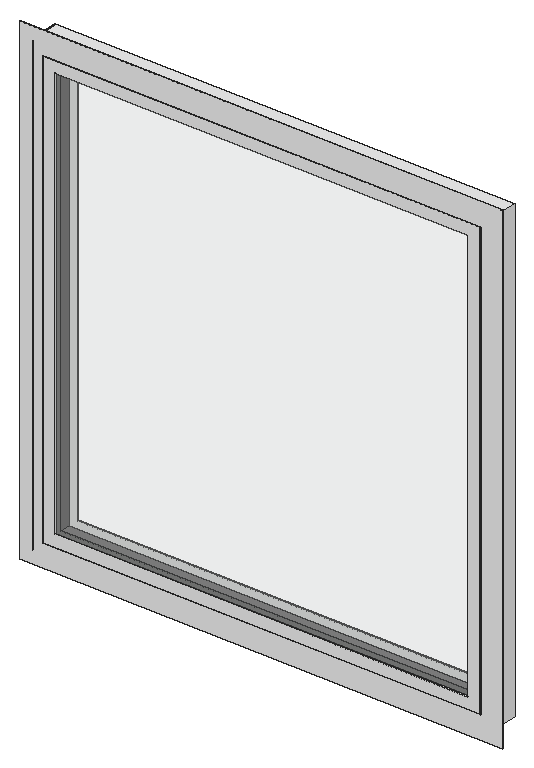
Revit family "Casement_36_F_Side_Hung_Standard", category Windows, host Wall, Revit 2014
Parameters (values of type "Casement_Sash_DG")
  Width Sash [instance] = 30 mm
  Width Sash Inner = 15 mm
  Width Bead = 15 mm
  Top Hung [instance] = yes
  Side Hung Right [instance] = yes
  Side Hung Left [instance] = yes
  Sash Opening Width [instance] = 600 mm
  Sash Opening Height [instance] = 600.312 mm
  Sash Lip = 15 mm
  Glazing Material [instance] = Glass
  DG Start Piece 2 [instance] = DG End Piece 1 + DG Gasket Thickness  # 25 mm
  DG Start Peice 1 [instance] = (Depth Sash - (2 * DG Glazing Thickness) - DG Gasket Thickness) / 2  # 6.6 mm
  Glazing Offset = 5 mm
  DG Glazing Thickness [instance] = 6.4 mm
  DG Gasket Thickness = 12 mm  # constant formula
  DG Gasket Material [instance] = Double Glazing Gasket Material
  DG End Piece 2 [instance] = DG Start Piece 2 + DG Glazing Thickness  # 31.4 mm
  DG End Piece 1 [instance] = DG Start Peice 1 + DG Glazing Thickness  # 13 mm
  Depth Sash [instance] = 38 mm
  Center Vertical Sash [instance] = Sash Opening Height / 2  # 300.156 mm
  Center Horizontal Sash [instance] = Sash Opening Width / 2  # 300 mm
  Bottom Hung [instance] = yes
  Bead Offset = 15 mm
  Aluminium Thickness = 1 mm
  Aluminium Material [instance] = White Powder Coated Aluminium
Reference planes
  plane 1 "Center (Front/Back)": y = 0
  plane 2: z = 0
  plane 3 "Center (Left/Right)": x = 0
Forms (mm)
  Sweep 1, solid, material "White Powder Coated Aluminium" <- "Aluminium Material"
    path origin (16.177, 0, 121.331) x (1, 0, 0) y (0, 0, 1)
      loop
        line (0, 0) -> (600, 0) -> (600, 600.312) -> (0, 600.312) -> (0, 0)
    profile origin (316.177, 0, 121.331) x (0, 0, 1) y (0, -1, 0)
      loop
        line (0, 0) -> (30, 0) -> (30, 1) -> (15, 1) -> (15, 38) -> (-15, 38) -> (-15, 37) -> (0, 37) -> (0, 0)
      loop
        line (14, 1) -> (14, 37) -> (1, 37) -> (1, 1) -> (14, 1)
  Sweep 2, solid, material "White Powder Coated Aluminium" <- "Aluminium Material"
    path origin (0, 0, 0) x (1, 0, 0) y (0, 0, 1)
      loop
        line (31.177, 706.643) -> (31.177, 136.331) -> (601.177, 136.331) -> (601.177, 706.643) -> (31.177, 706.643)
    profile origin (316.177, 0, 706.643) x (0, 0, 1) y (0, -1, 0)
      loop
        line (0, 37) -> (0, 38) -> (-15, 38) -> (-15, 37) -> (0, 37)
  Extrusion 3, solid, material "Glass" <- "Glazing Material"
    sketch origin (0, 0, 0) x (1, 0, 0) y (0, 0, 1)
      loop
        line (36.177, 701.643) -> (36.177, 141.331) -> (596.177, 141.331) -> (596.177, 701.643) -> (36.177, 701.643)
    from 6.6 <- "DG Start Peice 1" to 13 <- "DG End Piece 1"
  Extrusion 4, solid, material "Glass" <- "Glazing Material"
    sketch origin (0, 0, 0) x (1, 0, 0) y (0, 0, 1)
      loop
        line (36.177, 701.643) -> (36.177, 141.331) -> (596.177, 141.331) -> (596.177, 701.643) -> (36.177, 701.643)
    from 31.4 <- "DG End Piece 2" to 25 <- "DG Start Piece 2"
  Sweep 5, solid, material "Double Glazing Gasket Material" <- "DG Gasket Material"
    path origin (0, -13, 0) x (1, 0, 0) y (0, 0, 1)
      loop
        line (36.177, 701.643) -> (36.177, 141.331) -> (596.177, 141.331) -> (596.177, 701.643) -> (36.177, 701.643)
    profile origin (316.177, -13, 701.643) x (0, 0, 1) y (0, -1, 0)
      loop
        line (0, 0) -> (0, 12) -> (-7.96, 12) -> (-7.96, 0) -> (0, 0)
Lines and regions (mm)
  model lines
    curve 1: line (1.177, -38, 736.643) -> (31.177, -38, 706.643)
    curve 2: line (601.177, -38, 706.643) -> (631.177, -38, 736.643)
    curve 3: line (601.177, -38, 136.331) -> (631.177, -38, 106.331)
    curve 4: line (1.177, -38, 106.331) -> (31.177, -38, 136.331)
    curve 5: line (631.177, -37, 736.643) -> (616.177, -37, 721.643)
    curve 6: line (1.177, -37, 736.643) -> (16.177, -37, 721.643)
    curve 7: line (1.177, -37, 106.331) -> (16.177, -37, 121.331)
    curve 8: line (631.177, -37, 106.331) -> (616.177, -37, 121.331)
    curve 9: line (616.177, 0, 121.331) -> (586.177, 0, 151.331)
    curve 10: line (46.177, 0, 151.331) -> (16.177, 0, 121.331)
    curve 11: line (616.177, 0, 721.643) -> (586.177, 0, 691.643)
    curve 12: line (46.177, 0, 691.643) -> (16.177, 0, 721.643)
    curve 13: line (31.177, -38, 691.643) -> (46.177, -38, 691.643)
    curve 14: line (586.177, -38, 691.643) -> (601.177, -38, 691.643)
    curve 15: line (586.177, -38, 151.331) -> (601.177, -38, 151.331)
    curve 16: line (31.177, -38, 151.331) -> (46.177, -38, 151.331)
  model lines, style "GenericModelHiddenLines", visible <- "Top Hung"
    curve 17: line (46.386, -31.4, 690.914) -> (316.177, -31.4, 151.331)
    curve 18: line (316.177, -31.4, 151.331) -> (586.177, -31.4, 691.331)
  model lines, style "GenericModelHiddenLines", visible <- "Bottom Hung"
    curve 19: line (46.177, -31.4, 151.331) -> (316.177, -31.4, 691.331)
    curve 20: line (316.177, -31.4, 691.331) -> (586.177, -31.4, 151.331)
  model lines, style "GenericModelHiddenLines", visible <- "Side Hung Left"
    curve 21: line (46.386, -31.4, 690.914) -> (585.24, -31.4, 421.487)
    curve 22: line (585.24, -31.4, 421.487) -> (46.177, -31.4, 151.331)
  model lines, style "GenericModelHiddenLines", visible <- "Side Hung Right"
    curve 23: line (586.177, -31.4, 691.331) -> (46.177, -31.4, 421.487)
    curve 24: line (46.177, -31.4, 421.487) -> (586.177, -31.4, 151.331)
Dimensions and locks
  "Aluminium Thickness": Sweep 1 sketch curve to Sweep 1 sketch curve  (x4)
  "Depth Sash": Sweep 1 sketch curve to Sweep 1 sketch curve
  "Sash Opening Width": Sweep 1 to Sweep 1
  "Sash Opening Height": Sweep 1 to Sweep 1
  "Width Sash": Sweep 1 sketch curve to Sweep 1 sketch curve  (x2)
  "Width Sash Inner": Sweep 1 sketch curve to Sweep 1 sketch curve
  "Sash Lip": Sweep 1 sketch curve to Sweep 1 sketch curve
  "Aluminium Thickness": Sweep 1 to Sweep 2 sketch curve
  "Glazing Offset": Sweep 2 to Extrusion 3 sketch curve  (x3)
  "Glazing Offset": Extrusion 3 sketch curve to Sweep 2
  Sweep 1 to Sweep 1 = 1 mm
  "Aluminium Thickness": Sweep 2 sketch curve to Sweep 2 sketch curve
  "Width Bead": Sweep 2 sketch curve to Sweep 2 sketch curve
  locked: Sweep 5 sketch curve to Sweep 5 sketch curve at 7.96
  "Center Horizontal Sash": Sweep 1 to curve 18
  "Center Horizontal Sash": Sweep 1 to curve 20
  "Center Vertical Sash": Sweep 1 to curve 22
  "Center Vertical Sash": Sweep 1 to curve 24
  aligned and locked: level to plane 2
  aligned and locked: Sweep 1 sketch curve to Sweep 1 sketch curve  (x2)
  aligned and locked: Sweep 2 sketch curve to Sweep 1  (x5)
  aligned and locked: Extrusion 4 sketch curve to Extrusion 3  (x4)
  aligned and locked: Sweep 5 sketch curve to Extrusion 3  (x5)
  aligned and locked: Extrusion 3 to Sweep 5 sketch curve
Automatic sketch dimensions
  plane 3 "Center (Left/Right)" to Sweep 1 sketch curve = 16.177 mm
  level to Sweep 1 sketch curve = 121.331 mm
  plane 3 "Center (Left/Right)" to Sweep 1 sketch curve = 616.177 mm
  level to Sweep 1 sketch curve = 721.643 mm
  profile plane to Sweep 5 sketch curve = 12 mm
  curve 7 to Sweep 1 = 0 mm  (x4)
  curve 6 to Sweep 1 = 0 mm  (x3)
  Sweep 1 to curve 6 = 0 mm
  curve 5 to Sweep 1 = 0 mm  (x3)
  curve 8 to Sweep 1 = 0 mm  (x4)
  Sweep 1 to curve 5 = 0 mm
  curve 16 to Sweep 2 = 0 mm  (x3)
  curve 13 to Sweep 2 = 0 mm  (x3)
  curve 15 to Sweep 2 = 0 mm
  Sweep 2 to curve 15 = 0 mm  (x2)
  curve 14 to Sweep 2 = 0 mm  (x2)
  Sweep 2 to curve 14 = 0 mm
  curve 1 to Sweep 1 = 0 mm  (x4)
  curve 4 to Sweep 1 = 0 mm  (x3)
  Sweep 1 to curve 4 = 0 mm
  curve 3 to Sweep 1 = 0 mm  (x3)
  curve 2 to Sweep 1 = 0 mm  (x4)
  Sweep 1 to curve 3 = 0 mm
  curve 10 to Sweep 1 = 0 mm  (x4)
  curve 12 to Sweep 1 = 0 mm  (x3)
  Sweep 1 to curve 12 = 0 mm
  curve 9 to Sweep 1 = 0 mm  (x4)
  curve 11 to Sweep 1 = 0 mm  (x3)
  Sweep 1 to curve 11 = 0 mm
  Sweep 1 sketch curve to plane 1 "Center (Front/Back)" = 0 mm
  profile plane to Sweep 1 sketch curve = 0 mm
  curve 21 to Extrusion 4 = 10.208 mm
  curve 19 to Extrusion 4 = 10 mm
  curve 23 to Extrusion 4 = 10 mm  (x2)
  curve 22 to Extrusion 4 = 10.937 mm
  curve 20 to Extrusion 4 = 10 mm
  curve 24 to Extrusion 4 = 10 mm
  curve 22 to Extrusion 4 = 10 mm
  curve 18 to Extrusion 4 = 10 mm
  curve 21 to Extrusion 4 = 10.729 mm
  curve 19 to Extrusion 4 = 10.312 mm
  curve 18 to Extrusion 4 = 10.312 mm
Types in the file's own list only (12): name | Windload Design | Width Sash Right Opening | Width Sash Left Opening | Width Sash Right | Width Sash Left | Width Profile | Width Fixed Panel Right | Width Fixed Panel Left | Width Fixed Panel Center | Width | URL | Intruderprufe U Value | Intruderprufe SHGC Value | Intruderprufe LowE U Value | Intruderprufe LowE SHGC Value | Intruderprufe Insulated U Value | Intruderprufe Insulated SHGC Value | Intruderprufe Insulated LowE U Value | Intruderprufe Insulated LowE SHGC Value | Height | Energy Advantage U Value | Energy Advantage SHGC Value | Corrected Mullion Size | Standard Mullion Different | Offset Window Exterior | Max System DG Unit Thickness | Max System DG One Piece Thickness | Max Pane Area | Height Fixed Panel Right | Height Fixed Panel Left | DG Thickness Calc | Custom Window Width | Custom Window Height | Window Exterior Offset | Custom Windload | Custom Sash Right Width | Custom Sash Right Height | Custom Sash Left Width | Custom Sash Left Height | Side Hung Right | Sash Spacing Inner | Sash Overlap | Sash Center Offset | SG Gasket Thickness | Offset Sash Side | Offset Sash Top | Offset Mullion Right | Offset Fixed Panel Center Left | Offset Mullion Left | Offset Transom Right Top | Offset Transom Left Top | Offset Bead Center Reversed | Model | Manufacturer | Limit Window Width Min | Limit Window Width Max | Limit Window Height Min | Limit Window Height Max | Limit Sash Width Min | Limit Sash Width Max | Limit Sash Height Min | Limit Sash Height Max | Limit Fixed Pane Width Min | Limit Fixed Pane Width Max | Limit Fixed Pane Height Min | Limit Fixed Pane Height Max | Length Transom Right | Length Transom Left | Length Mullion | Height Sash Right Opening | Height Sash Right | Height Sash Left Opening | Height Sash Left | Height Fixed Panel Center | Description | Depth Mullion | Frame Center Offset | Depth Bead | Default Sill Height | Wall Closure | DG Gasket Finish | DG Extrusion Start | Mullion Depth Windload Based | Clearvue U Value | Clearvue SHGC Value | Clearvue Insulated U Value | Clearvue Insulated SHGC Value | Clearvue Insulated LowE U Value | Clearvue Insulated LowE SHGC Value | Casement Dimension | Bead SG Gap | Area Pane Right Top | Area Pane Right Bottom | Area Pane Middle | Area Pane Left Top | Area Pane Left Bottom
  36-1815SS-1000Pa | 1000 mm | 554 mm | 554 mm | 524 mm | 524 mm | 30 mm | 540 mm | 540 mm | 590 mm | 1790 mm | "http://www.crealco.co.za/crealco-products.php" | 6.54 | 0.637 | 4.99 | 0.561 | 4.26 | 0.54 | 3.72 | 0.495 | 1490 mm | 5.1 | 0.599 | 0 mm | 0 mm | 18 mm | 25 mm | 6 mm | 0.82 m² | 260 mm | 260 mm | 4 mm | 1790 mm | 1490 mm | 0 mm | 1000 mm | 554 mm | 1154 mm | 554 mm | 1154 mm | No | 8 mm | 7 mm | 15 mm | 6 mm | 23 mm | 23 mm | 570 mm | 600 mm | 570 mm | 1170 mm | 1170 mm | 18 mm | "Casement 36" | "Crealco" | 1400 mm | 2700 mm | 1430 mm | 1860 mm | 300 mm | 600 mm | 300 mm | 1300 mm | 200 mm | 1500 mm | 200 mm | 1800 mm | 540 mm | 540 mm | 1490 mm | 1154 mm | 1124 mm | 1154 mm | 1124 mm | 1430 mm | "Window 36mm, Type F side hung" | 54 mm | 18 mm | 22 mm | 800 mm | By host | Double Glazing Gasket Material | 8 mm | 54 mm | 6.69 | 0.669 | 4.37 | 0.589 | 3.8 | 0.536 | 36 mm | 13 mm | 0.52 m² | 0.13 m² | 0.82 m² | 0.52 m² | 0.13 m²
  36-2415SS-1000Pa | 1000 mm | 554 mm | 554 mm | 524 mm | 524 mm | 30 mm | 540 mm | 540 mm | 1190 mm | 2390 mm | "http://www.crealco.co.za/crealco-products.php" | 6.7 | 0.705 | 4.95 | 0.62 | 4.14 | 0.6 | 3.51 | 0.548 | 1490 mm | 7.9 | 0 | 0 mm | 0 mm | 18 mm | 25 mm | 6 mm | 1.68 m² | 260 mm | 260 mm | 4 mm | 2390 mm | 1490 mm | 0 mm | 1000 mm | 554 mm | 1154 mm | 554 mm | 1154 mm | No | 8 mm | 7 mm | 15 mm | 6 mm | 23 mm | 23 mm | 570 mm | 600 mm | 570 mm | 1170 mm | 1170 mm | 18 mm | "Casement 36" | "Crealco" | 1400 mm | 2700 mm | 1430 mm | 1860 mm | 300 mm | 600 mm | 300 mm | 1300 mm | 200 mm | 1500 mm | 200 mm | 1800 mm | 540 mm | 540 mm | 1490 mm | 1154 mm | 1124 mm | 1154 mm | 1124 mm | 1430 mm | "Window 36mm, Type F side hung" | 54 mm | 18 mm | 22 mm | 800 mm | By host | Double Glazing Gasket Material | 8 mm | 54 mm | 7.9 | 0 | 4.24 | 0.653 | 3.59 | 0.594 | 36 mm | 13 mm | 0.52 m² | 0.13 m² | 1.68 m² | 0.52 m² | 0.13 m²
  36-1818SS-1000Pa | 1000 mm | 554 mm | 554 mm | 524 mm | 524 mm | 30 mm | 540 mm | 540 mm | 590 mm | 1790 mm | "http://www.crealco.co.za/crealco-products.php" | 6.85 | 0.686 | 5.16 | 0.603 | 4.38 | 0.582 | 3.79 | 0.533 | 1790 mm | 5.28 | 0.645 | 54 mm | 1 mm | 18 mm | 25 mm | 6 mm | 1.00 m² | 560 mm | 560 mm | 4 mm | 1790 mm | 1790 mm | 0 mm | 1000 mm | 554 mm | 1154 mm | 554 mm | 1154 mm | No | 8 mm | 7 mm | 15 mm | 6 mm | 23 mm | 23 mm | 570 mm | 600 mm | 570 mm | 1170 mm | 1170 mm | 18 mm | "Casement 36" | "Crealco" | 1400 mm | 2700 mm | 1430 mm | 1860 mm | 300 mm | 600 mm | 300 mm | 1300 mm | 200 mm | 1500 mm | 200 mm | 1800 mm | 540 mm | 540 mm | 1790 mm | 1154 mm | 1124 mm | 1154 mm | 1124 mm | 1730 mm | "Window 36mm, Type F side hung" | 54 mm | 18 mm | 22 mm | 800 mm | By host | Double Glazing Gasket Material | 8 mm | 54 mm | 7.01 | 0.721 | 4.49 | 0.634 | 3.87 | 0.577 | 36 mm | 13 mm | 0.52 m² | 0.29 m² | 1.00 m² | 0.52 m² | 0.29 m²
  36-2418SS-1000Pa | 1000 mm | 554 mm | 554 mm | 524 mm | 524 mm | 30 mm | 540 mm | 540 mm | 1190 mm | 2390 mm | "http://www.crealco.co.za/crealco-products.php" | 7.22 | 0.779 | 5.27 | 0.684 | 4.38 | 0.662 | 3.69 | 0.604 | 1790 mm | 7.9 | 0 | 0 mm | 0 mm | 18 mm | 25 mm | 6 mm | 2.03 m² | 560 mm | 560 mm | 4 mm | 2390 mm | 1790 mm | 0 mm | 1000 mm | 554 mm | 1154 mm | 554 mm | 1154 mm | No | 8 mm | 7 mm | 15 mm | 6 mm | 23 mm | 23 mm | 570 mm | 600 mm | 570 mm | 1170 mm | 1170 mm | 18 mm | "Casement 36" | "Crealco" | 1400 mm | 2700 mm | 1430 mm | 1860 mm | 300 mm | 600 mm | 300 mm | 1300 mm | 200 mm | 1500 mm | 200 mm | 1800 mm | 540 mm | 540 mm | 1790 mm | 1154 mm | 1124 mm | 1154 mm | 1124 mm | 1730 mm | "Window 36mm, Type F side hung" | 70 mm | 18 mm | 22 mm | 800 mm | By host | Double Glazing Gasket Material | 8 mm | 70 mm | 7.9 | 0 | 4.49 | 0.72 | 3.77 | 0.655 | 36 mm | 13 mm | 0.52 m² | 0.29 m² | 2.03 m² | 0.52 m² | 0.29 m²
  36-1815SS-1500Pa | 1500 mm | 554 mm | 554 mm | 524 mm | 524 mm | 30 mm | 540 mm | 540 mm | 590 mm | 1790 mm | "http://www.crealco.co.za/crealco-products.php" | 6.54 | 0.637 | 4.99 | 0.561 | 4.26 | 0.54 | 3.72 | 0.495 | 1490 mm | 5.1 | 0.599 | 0 mm | 0 mm | 18 mm | 25 mm | 6 mm | 0.82 m² | 260 mm | 260 mm | 4 mm | 1790 mm | 1490 mm | 0 mm | 1500 mm | 554 mm | 1154 mm | 554 mm | 1154 mm | No | 8 mm | 7 mm | 15 mm | 6 mm | 23 mm | 23 mm | 570 mm | 600 mm | 570 mm | 1170 mm | 1170 mm | 18 mm | "Casement 36" | "Crealco" | 1400 mm | 2700 mm | 1430 mm | 1860 mm | 300 mm | 600 mm | 300 mm | 1300 mm | 200 mm | 1500 mm | 200 mm | 1800 mm | 540 mm | 540 mm | 1490 mm | 1154 mm | 1124 mm | 1154 mm | 1124 mm | 1430 mm | "Window 36mm, Type F side hung" | 54 mm | 18 mm | 22 mm | 800 mm | By host | Double Glazing Gasket Material | 8 mm | 54 mm | 6.69 | 0.669 | 4.37 | 0.589 | 3.8 | 0.536 | 36 mm | 13 mm | 0.52 m² | 0.13 m² | 0.82 m² | 0.52 m² | 0.13 m²
  36-1815SS-2000Pa | 2000 mm | 554 mm | 554 mm | 524 mm | 524 mm | 30 mm | 540 mm | 540 mm | 590 mm | 1790 mm | "http://www.crealco.co.za/crealco-products.php" | 6.54 | 0.637 | 4.99 | 0.561 | 4.26 | 0.54 | 3.72 | 0.495 | 1490 mm | 5.1 | 0.599 | 0 mm | 0 mm | 18 mm | 25 mm | 6 mm | 0.82 m² | 260 mm | 260 mm | 4 mm | 1790 mm | 1490 mm | 0 mm | 2000 mm | 554 mm | 1154 mm | 554 mm | 1154 mm | No | 8 mm | 7 mm | 15 mm | 6 mm | 23 mm | 23 mm | 570 mm | 600 mm | 570 mm | 1170 mm | 1170 mm | 18 mm | "Casement 36" | "Crealco" | 1400 mm | 2700 mm | 1430 mm | 1860 mm | 300 mm | 600 mm | 300 mm | 1300 mm | 200 mm | 1500 mm | 200 mm | 1800 mm | 540 mm | 540 mm | 1490 mm | 1154 mm | 1124 mm | 1154 mm | 1124 mm | 1430 mm | "Window 36mm, Type F side hung" | 70 mm | 18 mm | 22 mm | 800 mm | By host | Double Glazing Gasket Material | 8 mm | 70 mm | 6.69 | 0.669 | 4.37 | 0.589 | 3.8 | 0.536 | 36 mm | 13 mm | 0.52 m² | 0.13 m² | 0.82 m² | 0.52 m² | 0.13 m²
  36-2415SS-1500Pa | 1500 mm | 554 mm | 554 mm | 524 mm | 524 mm | 30 mm | 540 mm | 540 mm | 1190 mm | 2390 mm | "http://www.crealco.co.za/crealco-products.php" | 6.7 | 0.705 | 4.95 | 0.62 | 4.14 | 0.6 | 3.51 | 0.548 | 1490 mm | 7.9 | 0 | 0 mm | 0 mm | 18 mm | 25 mm | 6 mm | 1.68 m² | 260 mm | 260 mm | 4 mm | 2390 mm | 1490 mm | 0 mm | 1500 mm | 554 mm | 1154 mm | 554 mm | 1154 mm | No | 8 mm | 7 mm | 15 mm | 6 mm | 23 mm | 23 mm | 570 mm | 600 mm | 570 mm | 1170 mm | 1170 mm | 18 mm | "Casement 36" | "Crealco" | 1400 mm | 2700 mm | 1430 mm | 1860 mm | 300 mm | 600 mm | 300 mm | 1300 mm | 200 mm | 1500 mm | 200 mm | 1800 mm | 540 mm | 540 mm | 1490 mm | 1154 mm | 1124 mm | 1154 mm | 1124 mm | 1430 mm | "Window 36mm, Type F side hung" | 54 mm | 18 mm | 22 mm | 800 mm | By host | Double Glazing Gasket Material | 8 mm | 54 mm | 7.9 | 0 | 4.24 | 0.653 | 3.59 | 0.594 | 36 mm | 13 mm | 0.52 m² | 0.13 m² | 1.68 m² | 0.52 m² | 0.13 m²
  36-2415SS-2000Pa | 2000 mm | 554 mm | 554 mm | 524 mm | 524 mm | 30 mm | 540 mm | 540 mm | 1190 mm | 2390 mm | "http://www.crealco.co.za/crealco-products.php" | 6.7 | 0.705 | 4.95 | 0.62 | 4.14 | 0.6 | 3.51 | 0.548 | 1490 mm | 7.9 | 0 | 0 mm | 0 mm | 18 mm | 25 mm | 6 mm | 1.68 m² | 260 mm | 260 mm | 4 mm | 2390 mm | 1490 mm | 0 mm | 2000 mm | 554 mm | 1154 mm | 554 mm | 1154 mm | No | 8 mm | 7 mm | 15 mm | 6 mm | 23 mm | 23 mm | 570 mm | 600 mm | 570 mm | 1170 mm | 1170 mm | 18 mm | "Casement 36" | "Crealco" | 1400 mm | 2700 mm | 1430 mm | 1860 mm | 300 mm | 600 mm | 300 mm | 1300 mm | 200 mm | 1500 mm | 200 mm | 1800 mm | 540 mm | 540 mm | 1490 mm | 1154 mm | 1124 mm | 1154 mm | 1124 mm | 1430 mm | "Window 36mm, Type F side hung" | 70 mm | 18 mm | 22 mm | 800 mm | By host | Double Glazing Gasket Material | 8 mm | 70 mm | 7.9 | 0 | 4.24 | 0.653 | 3.59 | 0.594 | 36 mm | 13 mm | 0.52 m² | 0.13 m² | 1.68 m² | 0.52 m² | 0.13 m²
  36-1818SS-1500Pa | 1500 mm | 554 mm | 554 mm | 524 mm | 524 mm | 30 mm | 540 mm | 540 mm | 590 mm | 1790 mm | "http://www.crealco.co.za/crealco-products.php" | 6.85 | 0.686 | 5.16 | 0.603 | 4.38 | 0.582 | 3.79 | 0.533 | 1790 mm | 5.28 | 0.645 | 0 mm | 0 mm | 18 mm | 25 mm | 6 mm | 1.00 m² | 560 mm | 560 mm | 4 mm | 1790 mm | 1790 mm | 0 mm | 1500 mm | 554 mm | 1154 mm | 554 mm | 1154 mm | No | 8 mm | 7 mm | 15 mm | 6 mm | 23 mm | 23 mm | 570 mm | 600 mm | 570 mm | 1170 mm | 1170 mm | 18 mm | "Casement 36" | "Crealco" | 1400 mm | 2700 mm | 1430 mm | 1860 mm | 300 mm | 600 mm | 300 mm | 1300 mm | 200 mm | 1500 mm | 200 mm | 1800 mm | 540 mm | 540 mm | 1790 mm | 1154 mm | 1124 mm | 1154 mm | 1124 mm | 1730 mm | "Window 36mm, Type F side hung" | 70 mm | 18 mm | 22 mm | 800 mm | By host | Double Glazing Gasket Material | 8 mm | 70 mm | 7.01 | 0.721 | 4.49 | 0.634 | 3.87 | 0.577 | 36 mm | 13 mm | 0.52 m² | 0.29 m² | 1.00 m² | 0.52 m² | 0.29 m²
  36-1818SS-2000Pa | 2000 mm | 554 mm | 554 mm | 524 mm | 524 mm | 30 mm | 540 mm | 540 mm | 590 mm | 1790 mm | "http://www.crealco.co.za/crealco-products.php" | 6.85 | 0.686 | 5.16 | 0.603 | 4.38 | 0.582 | 3.79 | 0.533 | 1790 mm | 5.28 | 0.645 | 70 mm | 1 mm | 18 mm | 25 mm | 6 mm | 1.00 m² | 560 mm | 560 mm | 4 mm | 1790 mm | 1790 mm | 0 mm | 2000 mm | 554 mm | 1154 mm | 554 mm | 1154 mm | No | 8 mm | 7 mm | 15 mm | 6 mm | 23 mm | 23 mm | 570 mm | 600 mm | 570 mm | 1170 mm | 1170 mm | 18 mm | "Casement 36" | "Crealco" | 1400 mm | 2700 mm | 1430 mm | 1860 mm | 300 mm | 600 mm | 300 mm | 1300 mm | 200 mm | 1500 mm | 200 mm | 1800 mm | 540 mm | 540 mm | 1790 mm | 1154 mm | 1124 mm | 1154 mm | 1124 mm | 1730 mm | "Window 36mm, Type F side hung" | 70 mm | 18 mm | 22 mm | 800 mm | By host | Double Glazing Gasket Material | 8 mm | 70 mm | 7.01 | 0.721 | 4.49 | 0.634 | 3.87 | 0.577 | 36 mm | 13 mm | 0.52 m² | 0.29 m² | 1.00 m² | 0.52 m² | 0.29 m²
  36-2418SS-1500Pa | 1500 mm | 554 mm | 554 mm | 524 mm | 524 mm | 30 mm | 540 mm | 540 mm | 1190 mm | 2390 mm | "http://www.crealco.co.za/crealco-products.php" | 7.22 | 0.779 | 5.27 | 0.684 | 4.38 | 0.662 | 3.69 | 0.604 | 1790 mm | 7.9 | 0 | 0 mm | 0 mm | 18 mm | 25 mm | 6 mm | 2.03 m² | 560 mm | 560 mm | 4 mm | 2390 mm | 1790 mm | 0 mm | 1500 mm | 554 mm | 1154 mm | 554 mm | 1154 mm | No | 8 mm | 7 mm | 15 mm | 6 mm | 23 mm | 23 mm | 570 mm | 600 mm | 570 mm | 1170 mm | 1170 mm | 18 mm | "Casement 36" | "Crealco" | 1400 mm | 2700 mm | 1430 mm | 1860 mm | 300 mm | 600 mm | 300 mm | 1300 mm | 200 mm | 1500 mm | 200 mm | 1800 mm | 540 mm | 540 mm | 1790 mm | 1154 mm | 1124 mm | 1154 mm | 1124 mm | 1730 mm | "Window 36mm, Type F side hung" | 70 mm | 18 mm | 22 mm | 800 mm | By host | Double Glazing Gasket Material | 8 mm | 70 mm | 7.9 | 0 | 4.49 | 0.72 | 3.77 | 0.655 | 36 mm | 13 mm | 0.52 m² | 0.29 m² | 2.03 m² | 0.52 m² | 0.29 m²
  36-2418SS-2000Pa | 2000 mm | 554 mm | 554 mm | 524 mm | 524 mm | 30 mm | 540 mm | 540 mm | 1190 mm | 2390 mm | "http://www.crealco.co.za/crealco-products.php" | 7.29 | 0.782 | 5.34 | 0.687 | 4.42 | 0.663 | 3.73 | 0.604 | 1790 mm | 7.9 | 0 | 0 mm | 0 mm | 18 mm | 25 mm | 6 mm | 2.03 m² | 560 mm | 560 mm | 4 mm | 2390 mm | 1790 mm | 0 mm | 2000 mm | 554 mm | 1154 mm | 554 mm | 1154 mm | No | 8 mm | 7 mm | 15 mm | 6 mm | 23 mm | 23 mm | 570 mm | 600 mm | 570 mm | 1170 mm | 1170 mm | 18 mm | "Casement 36" | "Crealco" | 1400 mm | 2700 mm | 1430 mm | 1860 mm | 300 mm | 600 mm | 300 mm | 1300 mm | 200 mm | 1500 mm | 200 mm | 1800 mm | 540 mm | 540 mm | 1790 mm | 1154 mm | 1124 mm | 1154 mm | 1124 mm | 1730 mm | "Window 36mm, Type F side hung" | 90 mm | 18 mm | 22 mm | 800 mm | By host | Double Glazing Gasket Material | 8 mm | 90 mm | 7.9 | 0 | 4.53 | 0.721 | 3.8 | 0.656 | 36 mm | 13 mm | 0.52 m² | 0.29 m² | 2.03 m² | 0.52 m² | 0.29 m²
